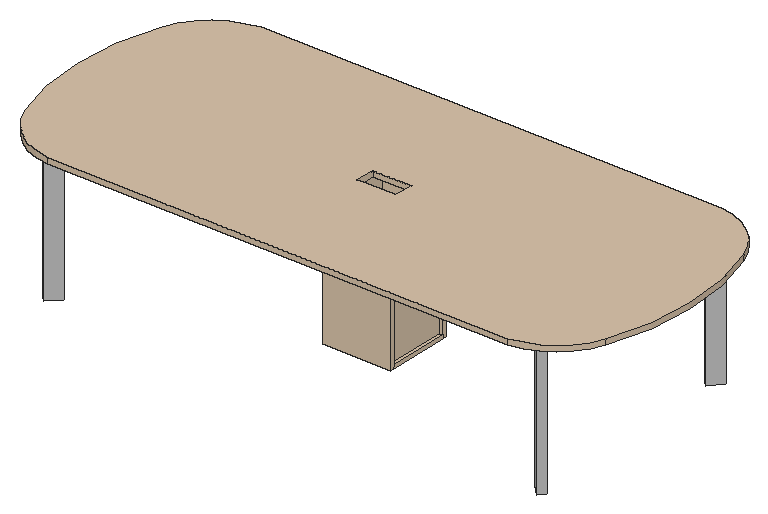
Revit family "Haworth_Planes_ConferenceTable_PebbleOnePiece", category Furniture Systems, Revit 2018
Family settings
  Round Connector Dimension = Use Diameter
  Part Type = Normal
  OmniClass Number = 23.40.70.14.64.21
  OmniClass Title = Systems Furniture
  Work Plane-Based = No
  Always vertical = Yes
  Cut with Voids When Loaded = No
  Shared = No
  Room Calculation Point = No
Parameters (values of type "120w 60d")
  Worksurface Finish [instance] = Haworth _ Laminate _ Maple H-AE
  Worksurface Edge Finish [instance] = Haworth _ Laminate _ Maple H-AE
  Warranty = "http://www.haworth.com/resources/product-info/warranties"
  URL - Product = "http://www.haworth.com/products/tables/conference/planes"
  Sustainability Info = "https://www.haworth.com/company-info/sustainability"
  Support Location_Front_Back = 6"  # constant formula
  Support Finish [instance] = Haworth _ Paint _ Metallic Champagne
  Right Leg [instance] = yes
  Opening Single Wide = no
  Opening Single = not(or(Opening Single Wide, Opening Double, Opening Double Wide))  # yes
  Opening Double Wide = no
  Opening Double = no
  Opening Center = yes
  No Legs [instance] = not(or(Left Leg, Right Leg))  # no
  Model = "TARP"  # constant formula
  Min. Depth = 36"  # constant formula
  Middle Leg_Interior = and(not(Cable Base), not(Middle Leg Off_Override))  # no
  Middle Leg Off_Override = no
  Middle Leg = Middle Leg_Interior  # no
  Max. Depth = 60"  # constant formula
  Left Leg [instance] = yes
  Width = 120"
  URL = "www.haworth.com"
  Support Height = Actual Height - Table Thickness  # 27 13/16"
  Size = "Verify Final Dim. w/ Haworth"  # constant formula
  Revision Number = "3"  # constant formula
  Min/Max Width = "72-120 @ 6 in. increments"  # constant formula
  Standard Height = "29 in."  # constant formula
  Min. Width = if(Actual Depth < 42", 72", 84")  # 84"
  Max. Width = if(Actual Depth < 42", 96", 120")  # 120"
  Min. Height = 29"  # constant formula
  Max. Height = 29"  # constant formula
  Manufacturer = "Haworth"  # constant formula
  Support Location_Side = 10"  # constant formula
  Description = "Haworth - Planes Conference Table - Pebble One Piece"  # constant formula
  Depth = 60"
  Cutout Width = if(or(Opening Single Wide, Opening Double Wide), 11", 8")  # 8"
  Cutout Depth = if(or(Opening Double, Opening Double Wide), 7 11/16", 4")  # 4"
  Cutout = yes
  Custom Size = not(and(or(Depth = 36", Depth = 42", Depth = 48", Depth = 54", Depth = 60"), or(Width = 72", Width = 78", Width = 84", Width = 90", Width = 96", Width = 102", Width = 108", Width = 114", Width = 120")))  # no
  Cable Base Finish [instance] = Haworth _ Laminate _ Maple H-AE
  Cable Base 14x14 = and(Cable Base, Actual Depth > 41")  # yes
  Cable Base = yes
  Author = "Haworth (Hampton, Alias)"  # constant formula
  Assembly Code = "E2020200"
  Actual Width = if(Width > Max. Width, Max. Width, if(Width < Min. Width, Min. Width, Width))  # 120"
  Actual Height = 29"  # constant formula
  Table Thickness = 1 3/16"  # constant formula
  Standard Depths = "36, 42, 48, 54, 60 in."  # constant formula
  Actual Depth = if(Depth > Max. Depth, Max. Depth, if(Depth < Min. Depth, Min. Depth, Depth))  # 60"
Reference planes (in)
  plane 1 "Center F/B": y = -0.15866
  plane 2 "Floor": z = 0
  plane 3 "Center L/R": x = 0
  plane 4 "Table Edge Left": x = -60
  plane 5 "Table Edge Right": x = 60
  plane 6 "Table Edge Back": y = -30.15866
  plane 7 "Table Edge Front": y = 29.84134
  plane 8 "Table Bottom": z = 29
  plane 9 "Left Support Location": x = -50
  plane 10 "Back Support Location": y = 23.84134
  plane 11 "Front Support Location": y = -24.15866
  plane 12 "Right Support Location": x = 50
  plane 13 "masking region": z = 27
Dimensions and locks (in)
  "Actual Depth": plane 7 "Table Edge Front" to plane 6 "Table Edge Back"
  "Actual Width": plane 4 "Table Edge Left" to plane 5 "Table Edge Right"
  equal spacing: plane 4 "Table Edge Left", plane 3 "Center L/R", plane 5 "Table Edge Right"
  equal spacing: plane 7 "Table Edge Front", plane 1 "Center F/B", plane 6 "Table Edge Back"
  "Actual Height": plane 8 "Table Bottom" to level
  "Support Location_Side": plane 4 "Table Edge Left" to plane 9 "Left Support Location"
  "Support Location_Side": plane 12 "Right Support Location" to plane 5 "Table Edge Right"
  "Support Location_Front_Back": plane 7 "Table Edge Front" to plane 10 "Back Support Location"
  "Support Location_Front_Back": plane 11 "Front Support Location" to plane 6 "Table Edge Back"
  locked: plane 8 "Table Bottom" to plane 13 "masking region" at 2
  aligned and locked: nested 2 to plane 9 "Left Support Location"
  aligned and locked: plane 9 "Left Support Location" to nested 1
  aligned and locked: nested 4 to plane 12 "Right Support Location"
  aligned and locked: plane 12 "Right Support Location" to nested 3
  aligned and locked: plane 3 "Center L/R" to nested 5
  aligned and locked: plane 3 "Center L/R" to nested 6
  aligned and locked: plane 2 "Floor" to nested 2
  aligned and locked: nested 1 to plane 2 "Floor"
  aligned and locked: nested 4 to plane 2 "Floor"
  aligned and locked: plane 2 "Floor" to nested 3
  aligned and locked: plane 2 "Floor" to nested 7
  aligned and locked: plane 1 "Center F/B" to nested 7
  aligned and locked: plane 3 "Center L/R" to nested 7
  aligned and locked: plane 2 "Floor" to nested 6
  aligned and locked: nested 5 to plane 2 "Floor"
  aligned and locked: nested 6 to plane 2 "Floor"
  aligned and locked: plane 2 "Floor" to nested 5
  aligned and locked: plane 2 "Floor" to nested 8
  aligned and locked: plane 1 "Center F/B" to nested 8
  aligned and locked: plane 3 "Center L/R" to nested 8
  aligned and locked: plane 11 "Front Support Location" to nested 6
  aligned and locked: nested 5 to plane 10 "Back Support Location"
  aligned and locked: plane 11 "Front Support Location" to nested 2
  aligned and locked: plane 11 "Front Support Location" to nested 4
  aligned and locked: nested 1 to plane 10 "Back Support Location"
  aligned and locked: plane 10 "Back Support Location" to nested 3
Nested families (in)
  nested 1: "Haworth_Worksurface-Support_Part-Leg" at (-41.5, 43.45565, 0) x (-1, 0, 0) z (0, 0, 1), visible <- "Left Leg", type "Support"
  nested 2: "Haworth_Worksurface-Support_Part-Leg" at (-58.5, -1.29435, 0), visible <- "Left Leg", type "Support"
  nested 3: "Haworth_Worksurface-Support_Part-Leg" at (58.5, 0.97703, 0) x (-1, 0, 0) z (0, 0, 1), visible <- "Right Leg", type "Support"
  nested 4: "Haworth_Worksurface-Support_Part-Leg" at (58.5, -1.29435, 0) x (-1, 0, 0) z (0, 0, 1), visible <- "Right Leg", type "Support"
  nested 5: "Haworth_Worksurface-Support_Part-Leg" at (8.5, 43.45565, 0) x (-1, 0, 0) z (0, 0, 1), visible <- "Middle Leg_Interior", type "Middle Support"
    with Support Post Standard no
  nested 6: "Haworth_Worksurface-Support_Part-Leg" at (-8.5, -1.29435, 0), visible <- "Middle Leg_Interior", type "Middle Support"
    with Support Post Standard no
  nested 7: "Haworth_Planes_ConferenceCableBase_Part" at (0, -3.78366, 0), visible <- "Cable Base", type "Base"
    with Actual Depth 14", 8 x 14 no, 14 x 14 yes
  nested 8: "Haworth_Planes_Worksurface_Pebble_NEWPart" at (0, -15.15866, 0), type "Worksurface"
    with Large Radius 426", Actual Depth 60"
Definition of nested family "Haworth_Worksurface-Support_Part-Leg"
  Parameters (values of type "Support")
    Top Thickness = 1 3/16"
    Support Post Standard = no
    Support Post 45 Degree = yes
    Support Height = Actual Height - Top Thickness  # 27 13/16"
    Model = "Worksurface"
    Worksurface Height = 29"
    Warranty = "www.haworth.com/en-us/Products/Pages/Certifications.aspx"
    URL - Product = "www.haworth.com/en-us/Products/Furniture/Systems/Desking-Systems/Pages/Compose.aspx"
    URL = "www.haworth.com"
    Sustainability Info = "www.haworth.com/en-us/About-Us/Sustainability/Pages/Vision.aspx"
    Support Finish = none
    Size = "Verify Final Dim. w/ Haworth"  # constant formula
    Revision Number = "1"  # constant formula
    Min/Max Height = "26-32 in."  # constant formula
    Min. Height = 20"  # constant formula
    Max. Height = 48"  # constant formula
    Manufacturer = "Haworth"  # constant formula
    LEED Data = "www.haworth.com/_layouts/Haworth.ProductCatalog/Handlers/GetAsset.ashx/ComposeLEEDContributions.pdf?cid=27&rid=1824&type=Leed"
    Description = "Worksurface Support"  # constant formula
    Author = "SHAPE Environments, LLC"  # constant formula
    Assembly Code = "E2020200"
    Actual Top Thickness = if(Top Thickness > 3", 3", if(Top Thickness < 1", 1", Top Thickness))  # 1 3/16"
    Actual Height = 29"
  Types (2): name | Support Post Standard | Support Post 45 Degree
    Support | no | yes
    Middle Support | yes | no
  Reference planes (in)
    plane 1: z = 0
    plane 2 "Center L/R": x = 8.5
    plane 3 "Support Top": z = 27.8125
    plane 4 "Center F/B": y = -21.23931
    plane 5: y = -19.61431
    plane 6: y = -22.86431
    plane 7: through (6.82062, -21.85803, 48) normal (0.7071, 0.7071, 0)
    plane 8: through (10.17938, -20.62059, 48) normal (-0.7071, -0.7071, 0)
  Forms (in)
    Extrusion 1, solid, material <- "Support Finish", visible <- "Support Post Standard"
      sketch origin (0, 0, 0) x (1, 0, 0) y (0, 1, 0)
        loop
          line (7.75, -22.86431) -> (9.25, -22.86431) -> (9.25, -19.61431) -> (7.75, -19.61431) -> (7.75, -22.86431)
      from 0 to 27.8125
    Extrusion 2, solid, material <- "Support Finish", visible <- "Support Post 45 Degree"
      sketch origin (17.50805, -0.21044, 0) x (0.707107, -0.707107, 0) y (0.707107, 0.707107, 0)
        loop
          line (7.75, -22.86431) -> (9.25, -22.86431) -> (9.25, -19.61431) -> (7.75, -19.61431) -> (7.75, -22.86431)
      from 0 to 27.8125
  Lines and regions (in)
    symbolic lines, visible <- "Support Post Standard", detail levels fine
      curve 1: line (7.75, -19.61431, 0) -> (9.25, -19.61431, 0)
      curve 2: line (7.75, -22.86431, 0) -> (7.75, -19.61431, 0)
      curve 3: line (9.25, -22.86431, 0) -> (7.75, -22.86431, 0)
      curve 4: line (9.25, -19.61431, 0) -> (9.25, -22.86431, 0)
    symbolic lines, visible <- "Support Post 45 Degree", detail levels fine
      curve 5: line (6.82062, -21.85803, 0) -> (9.11872, -19.55993, 0)
      curve 6: line (9.11872, -19.55993, 0) -> (10.17938, -20.62059, 0)
      curve 7: line (10.17938, -20.62059, 0) -> (7.88128, -22.91869, 0)
      curve 8: line (7.88128, -22.91869, 0) -> (6.82062, -21.85803, 0)
  Dimensions and locks (in)
    "Support Height": plane 3 "Support Top" to level
    aligned and locked: plane 3 "Support Top" to Extrusion 1
    aligned and locked: plane 3 "Support Top" to Extrusion 2
  Automatic sketch dimensions
    Extrusion 1 sketch curve to plane 4 "Center F/B" = 1 5/8"
    plane 2 "Center L/R" to Extrusion 1 sketch curve = 3/4"
    Extrusion 1 sketch curve to plane 2 "Center L/R" = 3/4"
    plane 4 "Center F/B" to Extrusion 1 sketch curve = 1 5/8"
    plane 2 "Center L/R" to Extrusion 2 sketch curve = 0.61872"
    Extrusion 2 sketch curve to plane 4 "Center F/B" = 1.67938"
    Extrusion 2 sketch curve to Extrusion 2 sketch curve = 1 1/2"
    Extrusion 2 sketch curve to Extrusion 2 sketch curve = 3 1/4"
    plane 4 "Center F/B" to curve 5 = 0.61872"
    curve 2 to plane 2 "Center L/R" = 3/4"
    curve 2 to curve 7 = 0.13128"
    plane 2 "Center L/R" to curve 6 = 0.61872"
    curve 5 to curve 4 = 0.13128"
    curve 6 to plane 4 "Center F/B" = 0.61872"
    curve 1 to curve 6 = 0.92938"
    curve 7 to curve 2 = 0.05438"
    curve 1 to curve 5 = 0.05438"
Definition of nested family "Haworth_Planes_ConferenceCableBase_Part"
  Parameters (values of type "Base")
    Warranty = "http://www.haworth.com/resources/product-info/warranties"
    URL - Product = "http://www.haworth.com/products/tables/conference/planes"
    URL = "www.haworth.com"
    Sustainability Info = "https://www.haworth.com/company-info/sustainability"
    Size = "Verify Final Dim. w/ Haworth"  # constant formula
    Revision Number = "3"  # constant formula
    Model = "Haworth - Planes - Cable Base"  # constant formula
    Min. Height = 27 13/16"  # constant formula
    Max. Height = 27 13/16"  # constant formula
    Manufacturer = "Haworth"  # constant formula
    Description = "Haworth - Planes - Cable Base"  # constant formula
    Base Finish = none
    Author = "SHAPE Environments, LLC"  # constant formula
    Assembly Code = "E2020200"
    Actual Width = 14"  # constant formula
    Actual Height = 27 13/16"
    Actual Depth = if([8 x 14], 8", 14")  # 8"
    8 x 14 = not([14 x 14])  # yes
    14 x 14 = no
  Reference planes (in)
    plane 1 "Center F/B": y = 3.625
    plane 2: z = 0
    plane 3 "Center L/R": x = 0
    plane 4 "Left": x = -7
    plane 5 "Right": x = 7
    plane 6 "Front": y = -0.375
    plane 7 "Top": z = 27.8125
    plane 8 "Back": y = 7.625
    plane 9: y = 6.875
    plane 10: x = 6.25
    plane 11: x = -6.25
    plane 12: y = 0.375
    plane 13: z = 27.0625
    plane 14: x = 5.5
    plane 15: x = -5.5
  Forms (in)
    Extrusion 1, solid, material <- "Base Finish"
      sketch origin (0, 0, 0) x (1, 0, 0) y (0, 1, 0)
        loop
          line (-7, 7.625) -> (-7, 6.875) -> (7, 6.875) -> (7, 7.625) -> (-7, 7.625)
        loop
          line (-7, 0.375) -> (-7, -0.375) -> (7, -0.375) -> (7, 0.375) -> (-7, 0.375)
      from 0 to 27.8125
    Extrusion 2, solid, material <- "Base Finish"
      sketch origin (0, 0, 0) x (1, 0, 0) y (0, 1, 0)
        loop
          line (-6.25, 6.875) -> (-6.25, 0.375) -> (-5.5, 0.375) -> (-5.5, 6.875) -> (-6.25, 6.875)
        loop
          line (6.25, 6.875) -> (5.5, 6.875) -> (5.5, 0.375) -> (6.25, 0.375) -> (6.25, 6.875)
      from 0 to 27.0625
    Extrusion 3, solid, material <- "Base Finish"
      sketch origin (0, 0, 0) x (1, 0, 0) y (0, 1, 0)
        loop
          line (-7, 6.875) -> (-7, 0.375) -> (7, 0.375) -> (7, 6.875) -> (-7, 6.875)
        loop
          line (-4, 4.625) -> (-4, 2.625) -> (4, 2.625) -> (4, 4.625) -> (-4, 4.625)
      from 0 to 0.75
  Cuts and joins
    joined: Extrusion 2, Extrusion 3
  Lines and regions (in)
    Masking region 1, detail levels fine
      outline origin (0, 0, 0) x (1, 0, 0) y (0, 1, 0)
        loop
          line (-7, 9.625) -> (-7, -0.375) -> (7, -0.375) -> (7, 9.625) -> (-7, 9.625)
        loop
          line (-4, 4.625) -> (-4, 2.625) -> (4, 2.625) -> (4, 4.625) -> (-4, 4.625)
  Dimensions and locks (in)
    equal spacing: plane 8 "Back", plane 1 "Center F/B", plane 6 "Front"
    "Actual Depth": plane 8 "Back" to plane 6 "Front"
    equal spacing: plane 4 "Left", plane 3 "Center L/R", plane 5 "Right"
    "Actual Width": plane 4 "Left" to plane 5 "Right"
    "Actual Height": plane 7 "Top" to level
    locked: plane 4 "Left" to plane 11 at 0.75
    locked: plane 10 to plane 5 "Right" at 0.75
    locked: plane 8 "Back" to plane 9 at 0.75
    locked: plane 12 to plane 6 "Front" at 0.75
    locked: plane 7 "Top" to plane 13 at 0.75
    Extrusion 2 sketch curve to plane 10 = 3/4"
    plane 11 to Extrusion 2 sketch curve = 3/4"
    Extrusion 3 sketch curve to plane 6 "Front" = 3"
    Extrusion 3 sketch curve to plane 8 "Back" = 3"
    plane 4 "Left" to Extrusion 3 sketch curve = 3"
    Extrusion 3 sketch curve to plane 5 "Right" = 3"
    aligned and locked: plane 4 "Left" to Extrusion 1 sketch curve  (x2)
    aligned and locked: Extrusion 1 sketch curve to plane 8 "Back"
    aligned and locked: plane 9 to Extrusion 1 sketch curve
    aligned and locked: plane 5 "Right" to Extrusion 1 sketch curve  (x2)
    aligned and locked: plane 6 "Front" to Extrusion 1 sketch curve
    aligned and locked: Extrusion 1 sketch curve to plane 12
    aligned and locked: plane 7 "Top" to Extrusion 1
    aligned and locked: plane 11 to Extrusion 2 sketch curve
    aligned and locked: Extrusion 2 sketch curve to plane 9
    aligned and locked: plane 12 to Extrusion 2 sketch curve  (x2)
    aligned and locked: plane 10 to Extrusion 2 sketch curve
    aligned and locked: plane 9 to Extrusion 2 sketch curve
    aligned and locked: plane 13 to Extrusion 2
    aligned and locked: Masking region 1 sketch curve to Extrusion 3  (x5)
    aligned and locked: Extrusion 3 to Masking region 1 sketch curve
    aligned and locked: plane 12 to Extrusion 3 sketch curve
    aligned and locked: Extrusion 3 sketch curve to plane 9
    aligned and locked: cut or joined group of Extrusion 2, Extrusion 3 to plane 2
    aligned and locked: Extrusion 2 to plane 14
    aligned and locked: plane 15 to Extrusion 2
    aligned and locked: Extrusion 1 to plane 2
  Automatic sketch dimensions
    Extrusion 3 sketch curve to plane 4 "Left" = 0"
    Extrusion 3 sketch curve to plane 5 "Right" = 0"
    Masking region 1 sketch curve to plane 6 "Front" = 0"
    plane 8 "Back" to Masking region 1 sketch curve = 2"
Definition of nested family "Haworth_Planes_Worksurface_Pebble_NEWPart"
  Parameters (values of type "Worksurface")
    Warranty = "https://www.haworth.com/resources/product-info/warranties"
    URL - Product = ""
    URL = "www.haworth.com"
    Thickness = 1 3/16"
    Table Finish = none
    Table Edge Finish = none
    Small Radius = if(Actual Depth < 36", 17 179/256", if(Actual Depth < 42", 35 215/256", 47 109/128"))  # 47 109/128"
    Revision Number = ""
    Note = "Verify Final Dim. w/ Haworth"  # constant formula
    Manufacturer = "Haworth"  # constant formula
    Large Radius = if(and(Actual Width < 66", Actual Depth < 36"), 86 205/256", if(and(Actual Width < 66", Actual Depth < 42"), 80 1/4", if(and(Actual Width < 72", Actual Depth < 36"), 110 1/2", if(and(Actual Width < 72", Actual Depth < 42"), 105 109/128", if(and(Actual Width < 78", Actual Depth < 36"), 137 77/128", if(and(Actual Width < 78", Actual Depth < 42"), 135 13/128", if(Actual Width < 84", 167 243/256", if(and(Actual Width < 90", Actual Depth < 42"), 204 51/128", if(and(Actual Width < 90", Actual Depth < 48"), 191 115/128", if(and(Actual Width < 90", Actual Depth < 54"), 183 115/128", if(and(Actual Width < 90", Actual Depth < 60"), 172 115/128", if(and(Actual Width < 90", Actual Depth < 66"), 159", if(and(Actual Width < 96", Actual Depth < 42"), 244 115/256", if(and(Actual Width < 96", Actual Depth < 48"), 230 3/4", if(and(Actual Width < 96", Actual Depth < 54"), 221 243/256", if(and(Actual Width < 96", Actual Depth < 60"), 209 109/128", if(and(Actual Width < 96", Actual Depth < 66"), 194 1/2", if(and(Actual Width < 102", Actual Depth < 42"), 288 13/128", if(and(Actual Width < 102", Actual Depth < 48"), 273 51/256", if(and(Actual Width < 102", Actual Depth < 54"), 263 77/128", if(and(Actual Width < 102", Actual Depth < 60"), 250 51/128", if(and(Actual Width < 102", Actual Depth < 66"), 233 141/256", if(and(Actual Width < 108", Actual Depth < 48"), 319 1/4", if(and(Actual Width < 108", Actual Depth < 54"), 308 115/128", if(and(Actual Width < 108", Actual Depth < 60"), 294 141/256", if(and(Actual Width < 108", Actual Depth < 66"), 372 115/256", if(and(Actual Width < 114", Actual Depth < 48"), 368 115/128", if(and(Actual Width < 114", Actual Depth < 54"), 357 3/4", if(and(Actual Width < 114", Actual Depth < 60"), 342 77/256", if(and(Actual Width < 114", Actual Depth < 66"), 322 141/256", if(and(Actual Width < 120", Actual Depth < 48"), 422 19/128", if(and(Actual Width < 120", Actual Depth < 54"), 410 51/256", if(and(Actual Width < 120", Actual Depth < 60"), 393 179/256", if(and(Actual Width < 120", Actual Depth < 66"), 372 115/256", if(and(Actual Width < 126", Actual Depth < 48"), 479", if(and(Actual Width < 126", Actual Depth < 54"), 466", if(and(Actual Width < 126", Actual Depth < 60"), 448 77/128", if(and(Actual Width < 126", Actual Depth < 66"), 426", 450"))))))))))))))))))))))))))))))))))))))  # 448 77/128"
    Depth 5460 = and(Actual Depth > 53", Actual Depth < 61")  # yes
    Depth 4248 = and(Actual Depth > 41", Actual Depth < 54")  # no
    Depth 3036 = and(Actual Depth > 29", Actual Depth < 42")  # no
    Cutout Width = 8"
    Cutout Dimension = if(Cutout, 3", 1")  # 3"
    Cutout Depth = 4"
    Cutout = yes
    Corner Radius = 12"  # constant formula
    Author = "Haworth (Alias)"  # constant formula
    Assembly Code = ""
    Actual Width = 120"
    Actual Height = 29"
    Actual Depth = 59"
  Reference planes (in)
    plane 1 "Center F/B": y = 15
    plane 2 "Bottom": z = 0
    plane 3 "Center L/R": x = 0
    plane 4 "Table Front": y = 44.5
    plane 5 "Table Right": x = 60
    plane 6 "Table Left": x = -60
    plane 7 "Table Back": y = -14.5
    plane 8 "Table Top": z = 29
    plane 9 "Table Bottom": z = 27.8125
    plane 10 "Cutout Top": z = 30
    plane 11 "Cutout Bottom": z = 27
    plane 12 "KnifeEdge Middle": z = 28.625
  Dimensions and locks (in)
    "Actual Depth": plane 7 "Table Back" to plane 4 "Table Front"
    "Actual Width": plane 6 "Table Left" to plane 5 "Table Right"
    equal spacing: plane 6 "Table Left", plane 3 "Center L/R", plane 5 "Table Right"
    equal spacing: plane 4 "Table Front", plane 1 "Center F/B", plane 7 "Table Back"
    "Thickness": plane 8 "Table Top" to plane 9 "Table Bottom"
    "Actual Height": plane 8 "Table Top" to level
    "Cutout Dimension": plane 10 "Cutout Top" to plane 11 "Cutout Bottom"
    plane 10 "Cutout Top" to plane 8 "Table Top" = 1"
    locked: plane 8 "Table Top" to plane 12 "KnifeEdge Middle" at 0.375
    aligned and locked: nested 1 to plane 2 "Bottom"
    aligned and locked: nested 2 to plane 2 "Bottom"
    aligned and locked: nested 3 to plane 2 "Bottom"
    aligned and locked: plane 1 "Center F/B" to nested 1
    aligned and locked: plane 3 "Center L/R" to nested 1
    aligned and locked: plane 1 "Center F/B" to nested 2
    aligned and locked: plane 3 "Center L/R" to nested 2
    aligned and locked: plane 1 "Center F/B" to nested 3
    aligned and locked: plane 3 "Center L/R" to nested 3
  Nested families (in)
    nested 1: "Haworth_Planes_Worksurface_Pebble3036_Part" at (0, 0, 0), visible <- "Depth 3036", type "Worksurface"
      with Width 120", Depth 59", Actual Depth 41"
    nested 2: "Haworth_Planes_Worksurface_Pebble4248_Part" at (0, 0, 0), visible <- "Depth 4248", type "Worksurface"
      with Depth 59", Actual Depth 53"
    nested 3: "Haworth_Planes_Worksurface_Pebble5460_Part" at (0, 0, 0), visible <- "Depth 5460", type "Worksurface"
      with Depth 59", Actual Depth 59"
  Definition of nested family "Haworth_Planes_Worksurface_Pebble3036_Part"
    Parameters (values of type "Worksurface")
      Width = 96"
      Warranty = "https://www.haworth.com/resources/product-info/warranties"
      URL - Product = ""
      URL = "www.haworth.com"
      Thickness = 1 3/16"
      Table Finish = none
      Table Edge Finish = none
      Revision Number = ""
      Note = "Verify Final Dim. w/ Haworth"  # constant formula
      Min. Width = 60"  # constant formula
      Min. Depth = 30"  # constant formula
      Max. Width = 96"  # constant formula
      Max. Depth = 41"  # constant formula
      Manufacturer = "Haworth"  # constant formula
      Depth = 36"
      Cutout Width = 8"
      Cutout Dimension = if(Cutout, 3", 1")  # 3"
      Cutout Depth = 4"
      Cutout = yes
      Author = "Haworth (Alias)"  # constant formula
      Assembly Code = ""
      Actual Width = if(Width < Min. Width, Min. Width, if(Width > Max. Width, Max. Width, Width))  # 96"
      Actual Height = 29"
      Actual Depth = if(Depth > Max. Depth, Max. Depth, if(Depth < Min. Depth, Min. Depth, Depth))  # 36"
    Reference planes (in)
      plane 1 "Center F/B": y = 15
      plane 2 "Bottom": z = 0
      plane 3 "Center L/R": x = 0
      plane 4 "Table Top": z = 29
      plane 5 "Table Bottom": z = 27.8125
      plane 6 "Cutout Top": z = 30
      plane 7 "Cutout Bottom": z = 27
      plane 8 "KnifeEdge Middle": z = 28.625
      plane 9: y = 33
      plane 10: y = -3
      plane 11: x = 48
      plane 12: x = -48
    Forms (in)
      Extrusion 1, void
        sketch origin (0, 0, 29) x (-1, 0, 0) y (0, -1, 0)
          loop
            line (4, -17) -> (4, -13) -> (-4, -13) -> (-4, -17) -> (4, -17)
        from -2 to 1
      Extrusion 2, solid, material <- "Table Finish"
        sketch origin (0, 0, 0) x (1, 0, 0) y (0, 1, 0)
          loop
            arc (-37.8702, 30.34) -> (-44.23687, 26.86426) -> (-47.43768, 20.35503) r 12
            arc (-47.43768, 20.35503) -> (-47.84, 15) -> (-47.43768, 9.64497) r 35.84
            arc (-47.43768, 9.64497) -> (-44.23687, 3.13574) -> (-37.8702, -0.34) r 12
            arc (-37.8702, -0.34) -> (0, -2.84) -> (37.8702, -0.34) r 288.08039
            arc (37.8702, -0.34) -> (44.23687, 3.13574) -> (47.43768, 9.64497) r 12
            arc (47.43768, 9.64497) -> (47.84, 15) -> (47.43768, 20.35503) r 35.84
            arc (47.43768, 20.35503) -> (44.23687, 26.86426) -> (37.8702, 30.34) r 12
            arc (37.8702, 30.34) -> (0, 32.84) -> (-37.8702, 30.34) r 288.08039
        from 27.8125 to 29
    Cuts and joins
      Extrusion 1 cuts Extrusion 2
    Lines and regions (in)
      Masking region 1
        outline origin (0, 0, 0) x (1, 0, 0) y (0, 1, 0)
          loop
            arc (-37.8702, 30.34) -> (-44.23687, 26.86426) -> (-47.43768, 20.35503) r 12
            arc (-47.43768, 20.35503) -> (-47.84, 15) -> (-47.43768, 9.64497) r 35.84
            arc (-47.43768, 9.64497) -> (-44.23687, 3.13574) -> (-37.8702, -0.34) r 12
            arc (-37.8702, -0.34) -> (0, -2.84) -> (37.8702, -0.34) r 288.08039
            arc (37.8702, -0.34) -> (44.23687, 3.13574) -> (47.43768, 9.64497) r 12
            arc (47.43768, 9.64497) -> (47.84, 15) -> (47.43768, 20.35503) r 35.84
            arc (47.43768, 20.35503) -> (44.23687, 26.86426) -> (37.8702, 30.34) r 12
            arc (37.8702, 30.34) -> (0, 32.84) -> (-37.8702, 30.34) r 288.08039
      symbolic lines, visible <- "Cutout"
        curve 1: line (4, 13, 0) -> (-4, 13, 0)
        curve 2: line (-4, 13, 0) -> (-4, 17, 0)
        curve 3: line (-4, 17, 0) -> (4, 17, 0)
        curve 4: line (4, 17, 0) -> (4, 13, 0)
    Dimensions and locks (in)
      "Thickness": plane 4 "Table Top" to plane 5 "Table Bottom"
      "Actual Height": plane 4 "Table Top" to level
      equal spacing: Extrusion 1 sketch curve, plane 1 "Center F/B", Extrusion 1 sketch curve
      equal spacing: Extrusion 1 sketch curve, plane 3 "Center L/R", Extrusion 1 sketch curve
      "Cutout Width": Extrusion 1 sketch curve to Extrusion 1 sketch curve
      "Cutout Depth": Extrusion 1 sketch curve to Extrusion 1 sketch curve
      "Cutout Dimension": plane 6 "Cutout Top" to plane 7 "Cutout Bottom"
      plane 6 "Cutout Top" to plane 4 "Table Top" = 1"
      locked: plane 4 "Table Top" to plane 8 "KnifeEdge Middle" at 0.375
      "Actual Depth": plane 10 to plane 9
      "Actual Width": plane 12 to plane 11
      equal spacing: plane 12, plane 3 "Center L/R", plane 11
      equal spacing: plane 10, plane 1 "Center F/B", plane 9
      aligned and locked: plane 6 "Cutout Top" to Extrusion 1
      aligned and locked: Extrusion 1 to plane 7 "Cutout Bottom"
      aligned and locked: curve 4 to Extrusion 1
      aligned and locked: curve 2 to Extrusion 1
      aligned and locked: curve 3 to Extrusion 1
      aligned and locked: curve 1 to Extrusion 1
      aligned and locked: plane 4 "Table Top" to Extrusion 2
      aligned and locked: Extrusion 2 to plane 5 "Table Bottom"
      aligned and locked: Masking region 1 sketch curve to Extrusion 2  (x8)
    Automatic sketch dimensions
      plane 1 "Center F/B" to Extrusion 2 sketch curve = 0"  (x2)
      Extrusion 2 sketch curve to plane 3 "Center L/R" = 0"  (x2)
      Extrusion 2 sketch curve to plane 3 "Center L/R" = 12"
      Extrusion 2 sketch curve to plane 12 = 12.42761"
      Extrusion 2 sketch curve to Extrusion 2 sketch curve = 0"  (x4)
      plane 3 "Center L/R" to Extrusion 2 sketch curve = 12"
      plane 1 "Center F/B" to Extrusion 2 sketch curve = 3.56205"  (x2)
      Extrusion 2 sketch curve to plane 11 = 12.42761"
      plane 10 to Extrusion 2 sketch curve = 252.24039"
      Extrusion 2 sketch curve to plane 1 "Center F/B" = 3.56205"  (x2)
      plane 9 to Extrusion 2 sketch curve = 252.24039"
      Extrusion 2 sketch curve to plane 10 = 2.66"  (x2)
      Extrusion 2 sketch curve to plane 12 = 10.1298"  (x2)
      Extrusion 2 sketch curve to plane 9 = 2.66"  (x2)
  Definition of nested family "Haworth_Planes_Worksurface_Pebble4248_Part"
    Parameters (values of type "Worksurface")
      Width = 120"
      Warranty = "https://www.haworth.com/resources/product-info/warranties"
      URL - Product = ""
      URL = "www.haworth.com"
      Thickness = 1 3/16"
      Table Finish = none
      Table Edge Finish = none
      Revision Number = ""
      Note = "Verify Final Dim. w/ Haworth"  # constant formula
      Min. Width = 84"  # constant formula
      Min. Depth = 42"  # constant formula
      Max. Width = 120"  # constant formula
      Max. Depth = 53"  # constant formula
      Manufacturer = "Haworth"  # constant formula
      Depth = 48"
      Cutout Width = 8"
      Cutout Dimension = if(Cutout, 3", 1")  # 3"
      Cutout Depth = 4"
      Cutout = yes
      Author = "Haworth (Alias)"  # constant formula
      Assembly Code = ""
      Actual Width = if(Width < Min. Width, Min. Width, if(Width > Max. Width, Max. Width, Width))  # 120"
      Actual Height = 29"
      Actual Depth = if(Depth > Max. Depth, Max. Depth, if(Depth < Min. Depth, Min. Depth, Depth))  # 48"
    Reference planes (in)
      plane 1 "Center F/B": y = 15
      plane 2 "Bottom": z = 0
      plane 3 "Center L/R": x = 0
      plane 4 "Table Top": z = 29
      plane 5 "Table Bottom": z = 27.8125
      plane 6 "Cutout Top": z = 30
      plane 7 "Cutout Bottom": z = 27
      plane 8 "KnifeEdge Middle": z = 28.625
      plane 9: y = 39
      plane 10: y = -9
      plane 11: x = 60
      plane 12: x = -60
    Forms (in)
      Extrusion 1, void
        sketch origin (0, 0, 29) x (-1, 0, 0) y (0, -1, 0)
          loop
            line (4, -17) -> (4, -13) -> (-4, -13) -> (-4, -17) -> (4, -17)
        from -2 to 1
      Extrusion 2, solid, material <- "Table Finish"
        sketch origin (0, 0, 0) x (1, 0, 0) y (0, 1, 0)
          loop
            arc (-48.21939, -6.34) -> (0, -10.11125) -> (48.21939, -6.34) r 310.15331
            arc (48.21939, -6.34) -> (54.87119, -3.11991) -> (58.37482, 3.38701) r 12
            arc (58.37482, 3.38701) -> (59.57943, 15) -> (58.37482, 26.61299) r 56.57943
            arc (58.37482, 26.61299) -> (54.87119, 33.11991) -> (48.21939, 36.34) r 12
            arc (48.21939, 36.34) -> (0, 40.11125) -> (-48.21939, 36.34) r 310.15331
            arc (-48.21939, 36.34) -> (-54.87119, 33.11991) -> (-58.37482, 26.61299) r 12
            arc (-58.37482, 26.61299) -> (-59.57943, 15) -> (-58.37482, 3.38701) r 56.57943
            arc (-58.37482, 3.38701) -> (-54.87119, -3.11991) -> (-48.21939, -6.34) r 12
        from 27.8125 to 29
    Cuts and joins
      Extrusion 1 cuts Extrusion 2
    Lines and regions (in)
      Masking region 1
        outline origin (0, 0, 0) x (1, 0, 0) y (0, 1, 0)
          loop
            arc (-48.21939, 36.34) -> (-54.39333, 33.55358) -> (-58.0748, 27.86775) r 12
            arc (-58.0748, 27.86775) -> (-59.55804, 15) -> (-58.0748, 2.13225) r 56.55804
            arc (-58.0748, 2.13225) -> (-54.39333, -3.55358) -> (-48.21939, -6.34) r 12
            arc (-48.21939, -6.34) -> (0, -10.11125) -> (48.21939, -6.34) r 310.15331
            arc (48.21939, -6.34) -> (54.39333, -3.55358) -> (58.0748, 2.13225) r 12
            arc (58.0748, 2.13225) -> (59.55804, 15) -> (58.0748, 27.86775) r 56.55804
            arc (58.0748, 27.86775) -> (54.39333, 33.55358) -> (48.21939, 36.34) r 12
            arc (48.21939, 36.34) -> (0, 40.11125) -> (-48.21939, 36.34) r 310.15331
      symbolic lines, visible <- "Cutout"
        curve 1: line (4, 13, 0) -> (-4, 13, 0)
        curve 2: line (-4, 13, 0) -> (-4, 17, 0)
        curve 3: line (-4, 17, 0) -> (4, 17, 0)
        curve 4: line (4, 17, 0) -> (4, 13, 0)
    Dimensions and locks (in)
      "Thickness": plane 4 "Table Top" to plane 5 "Table Bottom"
      "Actual Height": plane 4 "Table Top" to level
      equal spacing: Extrusion 1 sketch curve, plane 1 "Center F/B", Extrusion 1 sketch curve
      equal spacing: Extrusion 1 sketch curve, plane 3 "Center L/R", Extrusion 1 sketch curve
      "Cutout Width": Extrusion 1 sketch curve to Extrusion 1 sketch curve
      "Cutout Depth": Extrusion 1 sketch curve to Extrusion 1 sketch curve
      "Cutout Dimension": plane 6 "Cutout Top" to plane 7 "Cutout Bottom"
      plane 6 "Cutout Top" to plane 4 "Table Top" = 1"
      locked: plane 4 "Table Top" to plane 8 "KnifeEdge Middle" at 0.375
      "Actual Depth": plane 10 to plane 9
      "Actual Width": plane 12 to plane 11
      equal spacing: plane 12, plane 3 "Center L/R", plane 11
      equal spacing: plane 10, plane 1 "Center F/B", plane 9
      aligned and locked: plane 6 "Cutout Top" to Extrusion 1
      aligned and locked: Extrusion 1 to plane 7 "Cutout Bottom"
      aligned and locked: curve 4 to Extrusion 1
      aligned and locked: curve 2 to Extrusion 1
      aligned and locked: curve 3 to Extrusion 1
      aligned and locked: curve 1 to Extrusion 1
      aligned and locked: Extrusion 2 to plane 4 "Table Top"
      aligned and locked: Extrusion 2 to plane 5 "Table Bottom"
    Automatic sketch dimensions
      plane 1 "Center F/B" to Extrusion 2 sketch curve = 0"  (x2)
      Extrusion 2 sketch curve to plane 3 "Center L/R" = 0"  (x2)
      Extrusion 2 sketch curve to plane 3 "Center L/R" = 3"
      Extrusion 2 sketch curve to plane 12 = 13.42933"  (x2)
      plane 3 "Center L/R" to Extrusion 2 sketch curve = 3"
      Extrusion 2 sketch curve to plane 11 = 13.42933"  (x2)
      plane 1 "Center F/B" to Extrusion 2 sketch curve = 9.4538"  (x2)
      plane 10 to Extrusion 2 sketch curve = 261.04206"
      Extrusion 2 sketch curve to plane 1 "Center F/B" = 9.4538"  (x2)
      plane 9 to Extrusion 2 sketch curve = 261.04206"
      Extrusion 2 sketch curve to plane 9 = 2.66"  (x2)
      Extrusion 2 sketch curve to plane 12 = 11.78061"  (x2)
      Extrusion 2 sketch curve to plane 10 = 2.66"  (x2)
      Extrusion 2 sketch curve to Extrusion 2 sketch curve = 0"  (x2)
      plane 1 "Center F/B" to Masking region 1 sketch curve = 0"  (x2)
      Masking region 1 sketch curve to plane 3 "Center L/R" = 0"  (x2)
      Masking region 1 sketch curve to plane 3 "Center L/R" = 3"
      Masking region 1 sketch curve to plane 12 = 13.42933"  (x2)
      plane 3 "Center L/R" to Masking region 1 sketch curve = 3"
      Masking region 1 sketch curve to plane 11 = 13.42933"  (x2)
      plane 1 "Center F/B" to Masking region 1 sketch curve = 9.4538"  (x2)
      plane 10 to Masking region 1 sketch curve = 261.04206"
      Masking region 1 sketch curve to plane 1 "Center F/B" = 9.4538"  (x2)
      plane 9 to Masking region 1 sketch curve = 261.04206"
      Masking region 1 sketch curve to plane 10 = 2.66"  (x2)
      Masking region 1 sketch curve to plane 12 = 11.78061"  (x2)
      Masking region 1 sketch curve to plane 9 = 2.66"  (x2)
      Masking region 1 sketch curve to Masking region 1 sketch curve = 0"  (x2)
  Definition of nested family "Haworth_Planes_Worksurface_Pebble5460_Part"
    Parameters (values of type "Worksurface")
      Width = 120"
      Warranty = "https://www.haworth.com/resources/product-info/warranties"
      URL - Product = ""
      URL = "www.haworth.com"
      Thickness = 1 3/16"
      Table Finish = none
      Table Edge Finish = none
      Revision Number = ""
      Note = "Verify Final Dim. w/ Haworth"  # constant formula
      Min. Width = 84"  # constant formula
      Min. Depth = 54"  # constant formula
      Max. Width = 120"  # constant formula
      Max. Depth = 60"  # constant formula
      Manufacturer = "Haworth"  # constant formula
      Depth = 54"
      Cutout Width = 8"
      Cutout Dimension = if(Cutout, 3", 1")  # 3"
      Cutout Depth = 4"
      Cutout = yes
      Author = "Haworth (Alias)"  # constant formula
      Assembly Code = ""
      Actual Width = if(Width < Min. Width, Min. Width, if(Width > Max. Width, Max. Width, Width))  # 120"
      Actual Height = 29"
      Actual Depth = if(Depth > Max. Depth, Max. Depth, if(Depth < Min. Depth, Min. Depth, Depth))  # 54"
    Reference planes (in)
      plane 1 "Center F/B": y = 15
      plane 2 "Bottom": z = 0
      plane 3 "Center L/R": x = 0
      plane 4 "Table Front": y = 42
      plane 5 "Table Right": x = 60
      plane 6 "Table Left": x = -60
      plane 7 "Table Back": y = -12
      plane 8 "Table Top": z = 29
      plane 9 "Table Bottom": z = 27.8125
      plane 10 "Cutout Top": z = 30
      plane 11 "Cutout Bottom": z = 27
      plane 12 "KnifeEdge Middle": z = 28.625
    Forms (in)
      Extrusion 1, void
        sketch origin (0, 0, 29) x (-1, 0, 0) y (0, -1, 0)
          loop
            line (4, -17) -> (4, -13) -> (-4, -13) -> (-4, -17) -> (4, -17)
        from -2 to 1
      Extrusion 2, solid, material <- "Table Finish"
        sketch origin (0, 0, 0) x (1, 0, 0) y (0, 1, 0)
          loop
            arc (-47.29588, 39.34) -> (-53.13668, 36.8014) -> (-56.85594, 31.63161) r 12
            arc (-56.85594, 31.63161) -> (-59.84, 15) -> (-56.85594, -1.63161) r 47.84
            arc (-56.85594, -1.63161) -> (-53.13668, -6.8014) -> (-47.29588, -9.34) r 12
            arc (-47.29588, -9.34) -> (0, -11.84) -> (47.29588, -9.34) r 448.63
            arc (47.29588, -9.34) -> (53.13668, -6.8014) -> (56.85594, -1.63161) r 12
            arc (56.85594, -1.63161) -> (59.84, 15) -> (56.85594, 31.63161) r 47.84
            arc (56.85594, 31.63161) -> (53.13668, 36.8014) -> (47.29588, 39.34) r 12
            arc (47.29588, 39.34) -> (0, 41.84) -> (-47.29588, 39.34) r 448.63
        from 27.8125 to 29
    Cuts and joins
      Extrusion 1 cuts Extrusion 2
    Lines and regions (in)
      Masking region 1
        outline origin (0, 0, 0) x (1, 0, 0) y (0, 1, 0)
          loop
            arc (56.85594, 31.63161) -> (53.13668, 36.8014) -> (47.29588, 39.34) r 12
            arc (47.29588, 39.34) -> (0, 41.84) -> (-47.29588, 39.34) r 448.63
            arc (-47.29588, 39.34) -> (-53.13668, 36.8014) -> (-56.85594, 31.63161) r 12
            arc (-56.85594, 31.63161) -> (-59.84, 15) -> (-56.85594, -1.63161) r 47.84
            arc (-56.85594, -1.63161) -> (-53.13668, -6.8014) -> (-47.29588, -9.34) r 12
            arc (-47.29588, -9.34) -> (0, -11.84) -> (47.29588, -9.34) r 448.63
            arc (47.29588, -9.34) -> (53.13668, -6.8014) -> (56.85594, -1.63161) r 12
            arc (56.85594, -1.63161) -> (59.84, 15) -> (56.85594, 31.63161) r 47.84
      symbolic lines, visible <- "Cutout"
        curve 1: line (4, 13, 0) -> (-4, 13, 0)
        curve 2: line (-4, 13, 0) -> (-4, 17, 0)
        curve 3: line (-4, 17, 0) -> (4, 17, 0)
        curve 4: line (4, 17, 0) -> (4, 13, 0)
    Dimensions and locks (in)
      "Actual Depth": plane 7 "Table Back" to plane 4 "Table Front"
      "Actual Width": plane 6 "Table Left" to plane 5 "Table Right"
      equal spacing: plane 6 "Table Left", plane 3 "Center L/R", plane 5 "Table Right"
      equal spacing: plane 4 "Table Front", plane 1 "Center F/B", plane 7 "Table Back"
      "Thickness": plane 8 "Table Top" to plane 9 "Table Bottom"
      "Actual Height": plane 8 "Table Top" to level
      equal spacing: Extrusion 1 sketch curve, plane 1 "Center F/B", Extrusion 1 sketch curve
      equal spacing: Extrusion 1 sketch curve, plane 3 "Center L/R", Extrusion 1 sketch curve
      "Cutout Width": Extrusion 1 sketch curve to Extrusion 1 sketch curve
      "Cutout Depth": Extrusion 1 sketch curve to Extrusion 1 sketch curve
      "Cutout Dimension": plane 10 "Cutout Top" to plane 11 "Cutout Bottom"
      plane 10 "Cutout Top" to plane 8 "Table Top" = 1"
      locked: plane 8 "Table Top" to plane 12 "KnifeEdge Middle" at 0.375
      aligned and locked: plane 10 "Cutout Top" to Extrusion 1
      aligned and locked: Extrusion 1 to plane 11 "Cutout Bottom"
      aligned and locked: curve 4 to Extrusion 1
      aligned and locked: curve 2 to Extrusion 1
      aligned and locked: curve 3 to Extrusion 1
      aligned and locked: curve 1 to Extrusion 1
      aligned and locked: Extrusion 2 to plane 8 "Table Top"
      aligned and locked: Extrusion 2 to plane 9 "Table Bottom"
      aligned and locked: Masking region 1 sketch curve to Extrusion 2  (x8)
    Automatic sketch dimensions
      plane 1 "Center F/B" to Extrusion 2 sketch curve = 0"  (x2)
      Extrusion 2 sketch curve to plane 3 "Center L/R" = 12"
      Extrusion 2 sketch curve to plane 3 "Center L/R" = 0"  (x2)
      plane 3 "Center L/R" to Extrusion 2 sketch curve = 12"
      plane 5 "Table Right" to Extrusion 2 sketch curve = 14.39555"  (x2)
      plane 1 "Center F/B" to Extrusion 2 sketch curve = 12.4598"  (x2)
      plane 7 "Table Back" to Extrusion 2 sketch curve = 394.79"
      Extrusion 2 sketch curve to plane 1 "Center F/B" = 12.4598"  (x2)
      plane 4 "Table Front" to Extrusion 2 sketch curve = 394.79"
      Extrusion 2 sketch curve to plane 7 "Table Back" = 2.66"  (x2)
      Extrusion 2 sketch curve to Extrusion 2 sketch curve = 1.69143"  (x2)
      Extrusion 2 sketch curve to plane 4 "Table Front" = 2.66"  (x2)
      Extrusion 2 sketch curve to Extrusion 2 sketch curve = 0"  (x2)
      plane 6 "Table Left" to Extrusion 2 sketch curve = 14.39555"  (x2)
